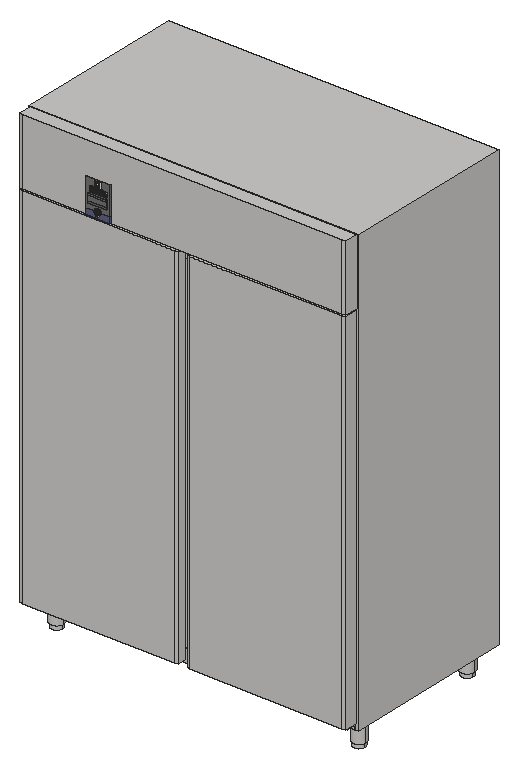
Revit family "QF_ELECTROLUXPROFESSIONAL_725246_REX142FRRCO2", category Specialty Equipment, Revit 2018
Family settings
  Round Connector Dimension = Use Diameter
  Part Type = Normal
  Work Plane-Based = No
  Always vertical = Yes
  Cut with Voids When Loaded = No
  Shared = No
  Room Calculation Point = No
Parameters
  Width [instance] = 1441 mm
  Watts = 0 W
  Height [instance] = 2050 mm
  HP = "0.3 HP"
  Direct Waste Size = 0 mm
  Depth [instance] = 835 mm
Reference planes
  plane 1 "Center (Front/Back)": y = 0
  plane 2: z = 0
  plane 3 "Center (Left/Right)": x = 0
  plane 4 "BASE": z = 110
  plane 5 "TOP": z = 2050
  plane 6 "FRONT": y = -417.5
  plane 7 "BACK": y = 417.5
  plane 8 "LEFT": x = -720.5
  plane 9 "RIGHT": x = 720.5
  plane 10 "RO_Y": x = -245
  plane 11 "RO_X": y = -166.5
  plane 12 "RI_Y": x = -206
  plane 13 "RI_X": y = -187.5
  plane 14: z = 1802
Forms (mm)
  Extrusion 1, solid, material "QF_Finishes_Stainless Steel"
    sketch origin (0, 0, 0) x (1, 0, 0) y (0, 1, 0)
      loop
        circle (-643.5, 344.5) r 25
      loop
        circle (643.5, 344.5) r 25
      loop
        circle (-660.5, -269.5) r 25
      loop
        circle (660.5, -269.5) r 25
      loop
        circle (0, -121) r 25
    from 0 to 20
  Extrusion 2, solid, material "QF_Finishes_Stainless Steel"
    sketch origin (0, 0, 0) x (1, 0, 0) y (0, 1, 0)
      loop
        circle (-643.5, 344.5) r 30
      loop
        circle (643.5, 344.5) r 30
      loop
        circle (660.5, -269.5) r 30
      loop
        circle (-660.5, -269.5) r 30
      loop
        circle (0, -121) r 30
    from 20 to 110
  Extrusion 3, solid, material "QF_Finishes_Stainless Steel"
    sketch origin (0, 0, 110) x (-1, 0, 0) y (0, -1, 0)
      loop
        line (720.5, -417.5) -> (720.5, 345.5) -> (-720.5, 345.5) -> (-720.5, -417.5) -> (720.5, -417.5)
    from 0 to 1940
  Extrusion 4, solid
    sketch origin (0, 417.5, 1685) x (-1, 0, 0) y (0, 0, 1)
      loop
        circle (704.5, 124) r 10
    from 0 to 3.2
  Extrusion 5, solid, material "QF_Door-Drawer Clearances", detail levels coarse
    sketch origin (0, 0, 110) x (-1, 0, 0) y (0, -1, 0)
      loop
        line (-712.5, 409.5) -> (-648.5, 409.5) -> (-648.5, 1006.5) -> (-666.5, 1006.5) -> (-666.5, 1024.5) -> (-688.5, 1024.5) -> (-688.5, 1062.5) -> (-712.5, 1062.5) -> (-712.5, 409.5)
    from 1642.965 to 28
  Extrusion 6, solid, material "QF_Door-Drawer Clearances", detail levels coarse
    sketch origin (0, 0, 110) x (-1, 0, 0) y (0, -1, 0)
      loop
        line (-648.5, 409.5) -> (0, 409.5)
        arc (0, 409.5) -> (-211.9, 875.546) -> (-688.5, 1062.5) r 681.392
        line (-688.5, 1062.5) -> (-688.5, 1024.5) -> (-666.5, 1024.5) -> (-666.5, 1006.5) -> (-648.5, 1006.5) -> (-648.5, 409.5)
    from 1642.965 to 28
  Extrusion 7, solid, material "QF_Clearances", detail levels coarse
    sketch origin (0, 0, 110) x (-1, 0, 0) y (0, -1, 0)
      loop
        line (720.5, 417.5) -> (720.5, -417.5) -> (-720.5, -417.5) -> (-720.5, 417.5) -> (-750.5, 417.5) -> (-750.5, -447.5) -> (750.5, -447.5) -> (750.5, 417.5) -> (720.5, 417.5)
    from -110 to 1940
  Extrusion 8, solid, material "QF_Clearances", detail levels coarse
    sketch origin (0, 0, 2050) x (-1, 0, 0) y (0, -1, 0)
      loop
        line (750.5, -447.5) -> (750.5, 417.5) -> (-750.5, 417.5) -> (-750.5, -447.5) -> (750.5, -447.5)
    from 0 to 500
  Extrusion 9, void
    sketch origin (0, 417.5, 0) x (-1, 0, 0) y (0, 0, 1)
      loop
        line (645.5, 1724) -> (430, 1724) -> (430, 1695) -> (-430, 1695) -> (-430, 1724) -> (-645.5, 1724) -> (-645.5, 180) -> (-322.75, 170.906) -> (0, 180) -> (322.75, 170.906) -> (645.5, 180) -> (645.5, 1724)
    from -56 to -763
  Extrusion 10, solid, material "QF_Door-Drawer Clearances", detail levels coarse
    sketch origin (0, 0, 110) x (1, 0, 0) y (0, 1, 0)
      loop
        line (-712.5, -409.5) -> (-712.5, -1062.5) -> (-688.5, -1062.5) -> (-688.5, -1024.5) -> (-666.5, -1024.5) -> (-666.5, -1006.5) -> (-648.5, -1006.5) -> (-648.5, -409.5) -> (-712.5, -409.5)
    from 1642.965 to 28
  Extrusion 11, solid, material "QF_Door-Drawer Clearances", detail levels coarse
    sketch origin (0, 0, 110) x (1, 0, 0) y (0, 1, 0)
      loop
        line (-648.5, -409.5) -> (-648.5, -1006.5) -> (-666.5, -1006.5) -> (-666.5, -1024.5) -> (-688.5, -1024.5) -> (-688.5, -1062.5)
        arc (-688.5, -1062.5) -> (-211.9, -875.546) -> (0, -409.5) r 681.392
        line (0, -409.5) -> (-648.5, -409.5)
    from 1642.965 to 28
  Extrusion 12, solid, material "QF_Finishes_Stainless Steel"
    sketch origin (0, 417.5, 0) x (-1, 0, 0) y (0, 0, 1)
      loop
        line (40, 170.62) -> (40, 1695) -> (-40, 1695) -> (-40, 170.62) -> (0, 170) -> (40, 170.62)
    from -723 to -763
  Extrusion 13, solid, material "QF_Finishes_Stainless Steel"
    sketch origin (0, 0, 110) x (-1, 0, 0) y (0, -1, 0)
      loop
        circle (322.75, 254.5) r 7.938
      loop
        circle (-322.75, 254.5) r 7.938
    from 0 to -10
  Extrusion 14, solid, material "QF_Finishes_Stainless Steel"
    sketch origin (0, 0, 2050) x (-1, 0, 0) y (0, -1, 0)
      loop
        circle (245, 166.5) r 4.75
    from -29 to -137.696
  Extrusion 15, solid, material "QF_Finishes_Stainless Steel"
    sketch origin (0, 0, 0) x (0, 1, 0) y (0, 0, 1)
      loop
        circle (-187.5, 1855) r 3
    from -141.13 to -206
Cuts and joins
  joined: Extrusion 7, Extrusion 8
  Extrusion 9 cuts Extrusion 3
Lines and regions (mm)
  symbolic lines, style "SpecialityEquipmentHiddenLines"
    curve 1: line (712.5, -409.5, 110) -> (712.5, -1062.5, 110)
    curve 2: line (712.5, -1062.5, 110) -> (688.5, -1062.5, 110)
    curve 3: line (648.5, -409.5, 110) -> (648.5, -1006.5, 110)
    curve 4: line (688.5, -1062.5, 110) -> (688.5, -1024.5, 110)
    curve 5: line (688.5, -1024.5, 110) -> (666.5, -1024.5, 110)
    curve 6: line (666.5, -1024.5, 110) -> (666.5, -1006.5, 110)
    curve 7: line (666.5, -1006.5, 110) -> (648.5, -1006.5, 110)
    curve 13: arc (0, -409.5, 110) -> (211.9, -875.546, 110) -> (688.5, -1062.5, 110) r 681.392
    curve 14: line (-712.5, -1062.5, 110) -> (-688.5, -1062.5, 110)
    curve 15: line (-648.5, -409.5, 110) -> (-648.5, -1006.5, 110)
    curve 16: line (-688.5, -1062.5, 110) -> (-688.5, -1024.5, 110)
    curve 17: line (-688.5, -1024.5, 110) -> (-666.5, -1024.5, 110)
    curve 18: line (-666.5, -1024.5, 110) -> (-666.5, -1006.5, 110)
    curve 19: line (-666.5, -1006.5, 110) -> (-648.5, -1006.5, 110)
    curve 20: arc (0, -409.5, 110) -> (-211.9, -875.546, 110) -> (-688.5, -1062.5, 110) r 681.392
    curve 21: line (-712.5, -409.5, 110) -> (-712.5, -1062.5, 110)
  symbolic lines, style "QF_Clearances", detail levels coarse
    curve 8: line (-720.5, -417.5, 2050) -> (-750.5, -417.5, 2050)
    curve 9: line (-750.5, -417.5, 2050) -> (-750.5, 447.5, 2050)
    curve 10: line (-750.5, 447.5, 2050) -> (750.5, 447.5, 2050)
    curve 11: line (750.5, 447.5, 2050) -> (750.5, -417.5, 2050)
    curve 12: line (750.5, -417.5, 2050) -> (720.5, -417.5, 2050)
  symbolic lines
    curve 22: line (720.5, 417.5, 110) -> (-720.5, 417.5, 110)
    curve 23: line (720.5, -345.5, 110) -> (720.5, 417.5, 110)
    curve 24: line (-720.5, -345.5, 110) -> (720.5, -345.5, 110)
    curve 25: line (-720.5, 417.5, 110) -> (-720.5, -345.5, 110)
Dimensions and locks
  equal spacing: plane 7 "BACK", plane 1 "Center (Front/Back)", plane 6 "FRONT"
  equal spacing: plane 8 "LEFT", plane 3 "Center (Left/Right)", plane 9 "RIGHT"
  "Width": plane 8 "LEFT" to plane 9 "RIGHT"
  "Depth": plane 7 "BACK" to plane 6 "FRONT"
  "Height": plane 5 "TOP" to plane 2
  plane 8 "LEFT" to plane 10 "RO_Y" = 475.5 mm
  plane 7 "BACK" to plane 11 "RO_X" = 584 mm
  plane 7 "BACK" to plane 13 "RI_X" = 605 mm
  plane 5 "TOP" to plane 14 = 248 mm
  Extrusion 14 to plane 14 = 219 mm
  Extrusion 15 to plane 14 = 53 mm
  aligned and locked: level to plane 2
Automatic sketch dimensions
  curve 12 to plane 6 "FRONT" = 0 mm
  curve 12 to plane 9 "RIGHT" = 0 mm
  curve 8 to plane 6 "FRONT" = 0 mm
  curve 8 to plane 8 "LEFT" = 0 mm
  curve 10 to plane 9 "RIGHT" = 30 mm
  curve 8 to curve 9 = 30 mm
  plane 7 "BACK" to curve 10 = 30 mm
  Extrusion 1 sketch curve to plane 3 "Center (Left/Right)" = 0 mm
  plane 8 "LEFT" to Extrusion 1 sketch curve = 77 mm
  plane 8 "LEFT" to Extrusion 1 sketch curve = 60 mm
  plane 9 "RIGHT" to Extrusion 1 sketch curve = 77 mm
  plane 9 "RIGHT" to Extrusion 1 sketch curve = 60 mm
  plane 6 "FRONT" to Extrusion 1 sketch curve = 148 mm  (x2)
  plane 1 "Center (Front/Back)" to Extrusion 1 sketch curve = 121 mm
  Extrusion 1 sketch curve to plane 7 "BACK" = 73 mm  (x2)
  Extrusion 2 sketch curve to plane 3 "Center (Left/Right)" = 0 mm
  plane 8 "LEFT" to Extrusion 2 sketch curve = 77 mm
  plane 8 "LEFT" to Extrusion 2 sketch curve = 60 mm
  plane 9 "RIGHT" to Extrusion 2 sketch curve = 77 mm
  plane 9 "RIGHT" to Extrusion 2 sketch curve = 60 mm
  plane 6 "FRONT" to Extrusion 2 sketch curve = 148 mm  (x2)
  plane 1 "Center (Front/Back)" to Extrusion 2 sketch curve = 121 mm
  Extrusion 2 sketch curve to plane 7 "BACK" = 73 mm  (x2)
  Extrusion 3 sketch curve to plane 7 "BACK" = 0 mm
  Extrusion 3 sketch curve to plane 9 "RIGHT" = 0 mm
  Extrusion 3 sketch curve to plane 8 "LEFT" = 0 mm
  plane 6 "FRONT" to Extrusion 3 sketch curve = 72 mm
  plane 8 "LEFT" to Extrusion 4 sketch curve = 16 mm
  Extrusion 4 sketch curve to plane 5 "TOP" = 241 mm
  plane 9 "RIGHT" to Extrusion 5 sketch curve = 8 mm
  plane 9 "RIGHT" to Extrusion 5 sketch curve = 32 mm
  Extrusion 5 sketch curve to Extrusion 5 sketch curve = 22 mm
  plane 6 "FRONT" to Extrusion 5 sketch curve = 8 mm
  Extrusion 5 sketch curve to Extrusion 5 sketch curve = 64 mm
  Extrusion 5 sketch curve to plane 6 "FRONT" = 589 mm
  Extrusion 5 sketch curve to Extrusion 5 sketch curve = 18 mm
  Extrusion 5 sketch curve to Extrusion 5 sketch curve = 38 mm
  Extrusion 6 sketch curve to plane 3 "Center (Left/Right)" = 0 mm
  plane 9 "RIGHT" to Extrusion 6 sketch curve = 72 mm
  Extrusion 6 sketch curve to Extrusion 6 sketch curve = 18 mm  (x2)
  plane 9 "RIGHT" to Extrusion 6 sketch curve = 39.698 mm
  Extrusion 6 sketch curve to Extrusion 6 sketch curve = 22 mm
  plane 6 "FRONT" to Extrusion 6 sketch curve = 36.349 mm
  plane 6 "FRONT" to Extrusion 6 sketch curve = 8 mm
  Extrusion 6 sketch curve to Extrusion 6 sketch curve = 56 mm
  Extrusion 7 sketch curve to plane 6 "FRONT" = 0 mm  (x2)
  Extrusion 7 sketch curve to plane 7 "BACK" = 0 mm
  Extrusion 7 sketch curve to plane 9 "RIGHT" = 0 mm
  Extrusion 7 sketch curve to plane 8 "LEFT" = 0 mm
  Extrusion 7 sketch curve to plane 9 "RIGHT" = 30 mm
  Extrusion 7 sketch curve to Extrusion 7 sketch curve = 30 mm
  plane 7 "BACK" to Extrusion 7 sketch curve = 30 mm
  Extrusion 8 sketch curve to plane 6 "FRONT" = 0 mm
  Extrusion 8 sketch curve to plane 9 "RIGHT" = 30 mm
  Extrusion 8 sketch curve to plane 8 "LEFT" = 30 mm
  plane 7 "BACK" to Extrusion 8 sketch curve = 30 mm
  Extrusion 10 sketch curve to plane 8 "LEFT" = 8 mm
  Extrusion 10 sketch curve to plane 8 "LEFT" = 32 mm
  Extrusion 10 sketch curve to Extrusion 10 sketch curve = 22 mm
  Extrusion 10 sketch curve to plane 6 "FRONT" = 8 mm
  Extrusion 10 sketch curve to Extrusion 10 sketch curve = 64 mm
  plane 6 "FRONT" to Extrusion 10 sketch curve = 589 mm
  Extrusion 10 sketch curve to Extrusion 10 sketch curve = 18 mm
  Extrusion 10 sketch curve to Extrusion 10 sketch curve = 38 mm
  Extrusion 11 sketch curve to plane 3 "Center (Left/Right)" = 0 mm
  Extrusion 11 sketch curve to plane 8 "LEFT" = 72 mm
  Extrusion 11 sketch curve to Extrusion 11 sketch curve = 18 mm  (x2)
  Extrusion 11 sketch curve to plane 8 "LEFT" = 39.698 mm
  Extrusion 11 sketch curve to Extrusion 11 sketch curve = 22 mm
  Extrusion 11 sketch curve to plane 6 "FRONT" = 36.349 mm
  Extrusion 11 sketch curve to plane 6 "FRONT" = 8 mm
  Extrusion 11 sketch curve to Extrusion 11 sketch curve = 56 mm
  Extrusion 12 sketch curve to plane 3 "Center (Left/Right)" = 0 mm
  plane 3 "Center (Left/Right)" to Extrusion 12 sketch curve = 40 mm
  Extrusion 12 sketch curve to plane 3 "Center (Left/Right)" = 40 mm
  plane 4 "BASE" to Extrusion 12 sketch curve = 60 mm
  Extrusion 12 sketch curve to Extrusion 12 sketch curve = 0.62 mm  (x2)
  Extrusion 12 sketch curve to Extrusion 12 sketch curve = 1524.38 mm
  Extrusion 9 sketch curve to plane 3 "Center (Left/Right)" = 0 mm
  plane 4 "BASE" to Extrusion 9 sketch curve = 60.906 mm  (x2)
  plane 3 "Center (Left/Right)" to Extrusion 9 sketch curve = 322.75 mm
  plane 9 "RIGHT" to Extrusion 9 sketch curve = 290.5 mm
  plane 9 "RIGHT" to Extrusion 9 sketch curve = 75 mm
  Extrusion 9 sketch curve to plane 3 "Center (Left/Right)" = 322.75 mm
  plane 8 "LEFT" to Extrusion 9 sketch curve = 290.5 mm
  plane 8 "LEFT" to Extrusion 9 sketch curve = 75 mm
  plane 4 "BASE" to Extrusion 9 sketch curve = 70 mm  (x3)
  Extrusion 9 sketch curve to plane 5 "TOP" = 355 mm
  Extrusion 9 sketch curve to Extrusion 9 sketch curve = 29 mm  (x2)
  plane 3 "Center (Left/Right)" to Extrusion 13 sketch curve = 322.75 mm
  Extrusion 13 sketch curve to plane 3 "Center (Left/Right)" = 322.75 mm
  plane 6 "FRONT" to Extrusion 13 sketch curve = 163 mm  (x2)
  Extrusion 14 sketch curve to plane 10 "RO_Y" = 0 mm
  Extrusion 14 sketch curve to plane 11 "RO_X" = 0 mm
  Extrusion 15 sketch curve to plane 13 "RI_X" = 0 mm
  plane 14 to Extrusion 15 sketch curve = 53 mm
  curve 24 to plane 9 "RIGHT" = 0 mm
  curve 13 to plane 3 "Center (Left/Right)" = 0 mm
  curve 24 to plane 8 "LEFT" = 0 mm
  curve 25 to plane 7 "BACK" = 0 mm
  plane 9 "RIGHT" to curve 1 = 8 mm
  plane 9 "RIGHT" to curve 4 = 32 mm
  plane 9 "RIGHT" to curve 13 = 39.698 mm
  curve 4 to curve 6 = 22 mm
  curve 6 to curve 7 = 18 mm
  plane 8 "LEFT" to curve 15 = 72 mm
  curve 15 to curve 18 = 18 mm
  plane 8 "LEFT" to curve 20 = 39.698 mm
  plane 8 "LEFT" to curve 14 = 32 mm
  plane 8 "LEFT" to curve 21 = 8 mm
  plane 6 "FRONT" to curve 24 = 72 mm
  plane 6 "FRONT" to curve 20 = 36.349 mm
  plane 6 "FRONT" to curve 13 = 36.349 mm
  curve 6 to plane 6 "FRONT" = 589 mm
  curve 19 to plane 6 "FRONT" = 589 mm
  curve 18 to curve 17 = 18 mm
  curve 6 to curve 4 = 18 mm
  curve 16 to curve 21 = 38 mm
  plane 6 "FRONT" to curve 1 = 8 mm
  plane 6 "FRONT" to curve 15 = 8 mm
  plane 6 "FRONT" to curve 21 = 8 mm
  plane 6 "FRONT" to curve 3 = 8 mm
  radius of Extrusion 1 sketch curve = 25 mm  (x5)
  radius of Extrusion 2 sketch curve = 30 mm  (x5)
  radius of Extrusion 4 sketch curve = 10 mm
  radius of Extrusion 13 sketch curve = 7.938 mm  (x2)
  radius of Extrusion 14 sketch curve = 4.75 mm
  radius of Extrusion 15 sketch curve = 3 mm
Nested families
  nested 1: "QF_725246_Door" at (0, -345.5, 968.365) x (1, 0, 0) z (0, -1, 0), type "QF_725246_Door"
    with Show Clearance yes
  nested 2: "Freezer" at (720.5, -417.5, 110), type "Freezer"
Connectors
  electrical at (-704.5, 420.7, 1809)
    settings: on Extrusion 4, index 2, voltage 0 V, apparent load 0 VA, apparent load phase1 0 VA, apparent load phase2 0 VA, apparent load phase3 0 VA, power factor 1, load classification "Other", number of poles 1, system type 30, power factor state 1, is connector primary yes, connector utility no, sub classification motor no, connector description "Electrical Connection"
  piping at (322.75, -254.5, 100), diameter 15.875
    settings: on Extrusion 13, index 3, connector inside diameter 609.6 mm, connector length 0 mm, flow factor 0, pipe flow 0.0 L/s, pressure drop 0.0 Pa, fitting loss kfactor 0, connector angle 0.00°, fixture units 0, engagement length 0 mm, angle of deflection 0.00°, flow configuration 1, flow direction 2, fitting loss method 0, system type 16, joint type 0, gender type 0, connector reference index -1, connector utility 0, adjustable connector no, is connector primary yes, connector description "Drain"
  piping at (-322.75, -254.5, 100), diameter 15.875
    settings: on Extrusion 13, index 4, connector inside diameter 609.6 mm, connector length 0 mm, flow factor 0, pipe flow 0.0 L/s, pressure drop 0.0 Pa, fitting loss kfactor 0, connector angle 0.00°, fixture units 0, engagement length 0 mm, angle of deflection 0.00°, flow configuration 1, flow direction 2, fitting loss method 0, system type 16, joint type 0, gender type 0, connector reference index -1, connector utility 0, adjustable connector no, is connector primary no, connector description "Drain"
  piping at (-245, -166.5, 2021), diameter 9.5
    settings: on Extrusion 14, index 5, connector inside diameter 609.6 mm, connector length 0 mm, flow factor 0, pipe flow 0.0 L/s, pressure drop 0.0 Pa, fitting loss kfactor 0, connector angle 0.00°, fixture units 0, engagement length 0 mm, angle of deflection 0.00°, flow configuration 1, flow direction 2, fitting loss method 0, system type 8, joint type 0, gender type 0, connector reference index -1, connector utility 0, adjustable connector no, is connector primary no, connector description "Refrigerant Outlet"
  piping at (-206, -187.5, 1855), diameter 6
    settings: on Extrusion 15, index 6, connector inside diameter 609.6 mm, connector length 0 mm, flow factor 0, pipe flow 0.0 L/s, pressure drop 0.0 Pa, fitting loss kfactor 0, connector angle 0.00°, fixture units 0, engagement length 0 mm, angle of deflection 0.00°, flow configuration 1, flow direction 1, fitting loss method 0, system type 7, joint type 0, gender type 0, connector reference index -1, connector utility 0, adjustable connector no, is connector primary no, connector description "Refrigerant Inlet"
Definition of nested family "QF_725246_Door"
  Parameters
    Show Clearance [instance] = yes
    Model = "725228"
    Default Elevation = 0 mm
  Reference planes
    plane 1 "Center (Front/Back)": y = 0
    plane 2: z = 0
    plane 3 "Center (Left/Right)": x = 0
    plane 4 "panel": z = 64
  Forms (mm)
    Extrusion 1, solid
      sketch origin (0, -919.2, 0) x (1, 0, 0) y (0, 1, 0)
        loop
          line (-980.5, 2119.2) -> (-980.5, -162.846) -> (881.94, -162.846) -> (881.94, 2119.2) -> (-980.5, 2119.2)
      from 0 to -59.546
    Extrusion 2, solid
      sketch origin (365.5, 0, 0) x (1, 0, 0) y (0, 0, 1)
        loop
          line (-347, 26) -> (-325, 26) -> (-325, 8) -> (-307, 8) -> (-307, 0) -> (339, 0) -> (339, 8) -> (347, 8) -> (347, 60) -> (332, 64) -> (-332, 64) -> (-347, 60) -> (-347, 26)
      from -784.6 to 830.4
    Extrusion 3, solid
      sketch origin (484.5, -516.365, 0) x (0, 1, 0) y (0, 0, 1)
        loop
          line (-323.003, 40.312) -> (-316.501, 40.312) -> (-316.501, 42.812) -> (-325.503, 42.812) -> (-325.503, 2.5) -> (-342, 2.5) -> (-342, 0) -> (-323.003, 0) -> (-323.003, 12.259) -> (-323.003, 40.312)
        loop
          line (-314, 38.311) -> (-316.501, 38.311) -> (-316.501, 14.304) -> (-319.752, 14.304) -> (-319.752, 11.804) -> (-314, 11.804) -> (-314, 38.311)
      from 185 to 220
    Extrusion 4, solid
      sketch origin (484.5, 469.597, 0) x (0, 1, 0) y (0, 0, 1)
        loop
          line (315.003, 27.948) -> (315.003, 2.948) -> (315.003, 0) -> (322.003, 0) -> (322.003, 2.5) -> (317.503, 2.5) -> (317.503, 27.948) -> (315.003, 27.948)
      from 185 to 220
    Extrusion 5, solid
      sketch origin (-365.5, 0, 0) x (-1, 0, 0) y (0, 0, -1)
        loop
          line (-1078, -60) -> (-1063, -64) -> (332, -64) -> (347, -60) -> (347, 0) -> (-1078, 0) -> (-1078, -60)
      from -1081.6 to -791.6
    Extrusion 6, solid
      sketch origin (-365.5, 0, 0) x (-1, 0, 0) y (0, 0, -1)
        loop
          line (-347, -26) -> (-347, -60) -> (-332, -64) -> (332, -64) -> (347, -60) -> (347, -8) -> (339, -8) -> (339, 0) -> (-307, 0) -> (-307, -8) -> (-325, -8) -> (-325, -26) -> (-347, -26)
      from -784.6 to 830.4
    Extrusion 7, solid
      sketch origin (-484.5, -516.365, 0) x (0, 1, 0) y (0, 0, -1)
        loop
          line (-323.003, -40.312) -> (-323.003, -12.259) -> (-323.003, 0) -> (-342, 0) -> (-342, -2.5) -> (-325.503, -2.5) -> (-325.503, -42.812) -> (-316.501, -42.812) -> (-316.501, -40.312) -> (-323.003, -40.312)
        loop
          line (-314, -38.311) -> (-314, -11.804) -> (-319.752, -11.804) -> (-319.752, -14.304) -> (-316.501, -14.304) -> (-316.501, -38.311) -> (-314, -38.311)
      from 185 to 220
    Extrusion 8, solid
      sketch origin (-484.5, 469.597, 0) x (0, 1, 0) y (0, 0, -1)
        loop
          line (315.003, -27.948) -> (317.503, -27.948) -> (317.503, -2.5) -> (322.003, -2.5) -> (322.003, 0) -> (315.003, 0) -> (315.003, -2.948) -> (315.003, -27.948)
      from 185 to 220
  Lines and regions (mm)
    symbolic lines
      curve 1: line (-697.5, 0, 64) -> (697.5, 0, 64)
      curve 2: line (712.5, 0, 0) -> (-712.5, 0, 0)
      curve 3: line (712.5, 0, 60) -> (712.5, 0, 0)
      curve 4: line (704.5, 0, 8) -> (712.5, 0, 8)
      curve 5: line (704.5, 0, 8) -> (704.5, 0, 0)
      curve 6: line (-376.111, 0, 72) -> (-356.111, 0, 72)
      curve 7: line (-376.111, 0, 66) -> (-376.111, 0, 72)
      curve 8: line (-356.111, 0, 72) -> (-356.111, 0, 66)
      curve 9: line (-380.111, 0, 66) -> (-352.111, 0, 66)
      curve 10: line (-380.111, 0, 64) -> (-380.111, 0, 66)
      curve 11: line (-352.111, 0, 66) -> (-352.111, 0, 64)
      curve 12: line (-712.5, 0, 60) -> (-712.5, 0, 0)
      curve 13: line (-704.5, 0, 8) -> (-712.5, 0, 8)
      curve 14: line (-704.5, 0, 8) -> (-704.5, 0, 0)
      curve 15: line (-697.5, 0, 64) -> (-712.5, 0, 60)
      curve 16: line (712.5, 0, 60) -> (697.5, 0, 64)
  Dimensions and locks
    aligned and locked: plane 2 to Extrusion 1
    aligned and locked: level to Extrusion 1
  Nested families
    nested 1: "QF_DisplayStandardCabinets" at (-365.5, 863.6, 64), type "QF_DisplayStandardCabinets"
      with Show Clearance yes
  Definition of nested family "QF_DisplayStandardCabinets"
    Parameters
      Show Clearance [instance] = yes
      Model = "728658"
      Default Elevation = 1219.2 mm
    Reference planes
      plane 1 "Center (Front/Back)": y = 0
      plane 2: z = 0
      plane 3 "Center (Left/Right)": x = 0
    Forms (mm)
      Extrusion 1, solid
        sketch origin (0, -919.2, 0) x (1, 0, 0) y (0, 1, 0)
          loop
            line (-198.75, 1146.2) -> (-198.75, 709.567) -> (165.741, 709.567) -> (165.741, 1146.2) -> (-198.75, 1146.2)
        from 0 to -59.546
      Extrusion 2, solid
        sketch origin (-59, -44.611, 0) x (0, 1, 0) y (-1, 0, 0)
          loop
            circle (0.611, -59) r 14
        from 4 to 7
      Extrusion 3, solid
        sketch origin (744.635, 320.889, 0) x (0, 1, 0) y (-1, 0, 0)
          loop
            circle (-364.889, 744.635) r 10
          loop
            circle (-364.889, 744.635) r 9
        from 4 to 8
      Extrusion 4, solid
        sketch origin (744.635, 320.889, 0) x (0, 1, 0) y (-1, 0, 0)
          loop
            circle (-364.889, 744.635) r 8.7
        from 4 to 8
      Extrusion 5, void
        sketch origin (744.635, 320.889, 0) x (0, 1, 0) y (-1, 0, 0)
          loop
            line (-372.339, 745.885) -> (-372.339, 743.385) -> (-362.339, 743.385) -> (-362.339, 745.885) -> (-372.339, 745.885)
        from 8.592 to 6.269
      Extrusion 6, solid
        sketch origin (744.635, 320.889, 0) x (0, 1, 0) y (-1, 0, 0)
          loop
            line (-372.339, 745.885) -> (-372.339, 743.385) -> (-362.339, 743.385) -> (-362.339, 745.885) -> (-372.339, 745.885)
        from 6 to 8
      Extrusion 7, solid
        sketch origin (0, 0, 0) x (1, 0, 0) y (0, 1, 0)
          loop
            line (-51.473, 80) -> (-51.473, -44) -> (-14, -44)
            arc (-14, -44) -> (0, -30) -> (14, -44) r 14
            line (14, -44) -> (50.954, -44) -> (50.954, 80) -> (-51.473, 80)
        from 0 to 4
      Extrusion 8, solid
        sketch origin (0, -30, 0) x (0, 1, 0) y (0, 0, 1)
          loop
            line (10.404, 4) -> (17.404, 4) -> (17.404, 8)
            arc (17.404, 8) -> (13.868, 7.749) -> (10.404, 7) r 25
            line (10.404, 7) -> (10.404, 4)
          loop
            arc (47.404, 7) -> (43.939, 7.749) -> (40.404, 8) r 25
            line (40.404, 8) -> (40.404, 4) -> (47.404, 4) -> (47.404, 7)
        from 40 to -40
      Extrusion 9, solid
        sketch origin (0, -30, 0) x (1, 0, 0) y (0, 1, 0)
          loop
            line (-40, 40.404) -> (-40, 17.404) -> (40, 17.404) -> (40, 40.404) -> (-40, 40.404)
        from 8 to 4
      Extrusion 10, solid
        sketch origin (46.005, 87.683, 0) x (1, 0, 0) y (0, 1, 0)
          loop
            line (-43.063, -13.359) -> (-43.063, -33.154)
            arc (-43.063, -33.154) -> (-35.746, -23.257) -> (-43.063, -13.359) r 10.352
          loop
            arc (-44.07, -13.359) -> (-52.302, -15.23) -> (-56.268, -22.683) r 10.145
            line (-56.268, -22.683) -> (-52.994, -22.683)
            arc (-52.994, -22.683) -> (-47.143, -20.308) -> (-44.07, -14.793) r 9.509
            line (-44.07, -14.793) -> (-44.07, -13.359)
          loop
            arc (-44.07, -31.721) -> (-47.143, -26.205) -> (-52.994, -23.831) r 9.509
            line (-52.994, -23.831) -> (-56.268, -23.831)
            arc (-56.268, -23.831) -> (-52.309, -31.345) -> (-44.07, -33.408) r 10.411
            line (-44.07, -33.408) -> (-44.07, -31.721)
          loop
            line (-57.02, -12.279) -> (-57.02, -34.279) -> (-34.99, -34.279) -> (-34.99, -12.279) -> (-57.02, -12.279)
        from 4 to 5.6
      Extrusion 11, solid
        sketch origin (-12.866, 61.032, 0) x (1, 0, 0) y (0, 1, 0)
          loop
            line (-15.272, -12.492) -> (-22.708, -12.492) -> (-22.708, -21.151)
            arc (-22.708, -21.151) -> (-21.729, -23.514) -> (-19.367, -24.492) r 3.341
            line (-19.367, -24.492) -> (-15.128, -24.492) -> (-15.128, -22.55) -> (-18.883, -22.55)
            arc (-18.883, -22.55) -> (-20.117, -22.133) -> (-20.642, -20.941) r 1.615
            line (-20.642, -20.941) -> (-20.642, -19.224) -> (-15.593, -19.224) -> (-15.593, -17.274) -> (-20.642, -17.274) -> (-20.642, -14.436) -> (-15.272, -14.436) -> (-15.272, -12.492)
          loop
            line (-13.66, -12.492) -> (-13.66, -24.492) -> (-11.593, -24.492) -> (-11.593, -12.492) -> (-13.66, -12.492)
          loop
            line (31.232, -12.492) -> (31.232, -24.492) -> (33.3, -24.492) -> (33.3, -12.492) -> (31.232, -12.492)
          loop
            line (-8.175, -20.66) -> (-1.392, -20.66)
            arc (-1.392, -20.66) -> (-2.453, -16.934) -> (-6.081, -15.575) r 4.298
            arc (-6.081, -15.575) -> (-9.277, -17.196) -> (-10.188, -20.66) r 4.373
            arc (-10.188, -20.66) -> (-8.988, -23.558) -> (-6.091, -24.758) r 4.097
            arc (-6.091, -24.758) -> (-3.837, -24.425) -> (-1.946, -23.152) r 5.15
            line (-1.946, -23.152) -> (-3.171, -21.928)
            arc (-3.171, -21.928) -> (-4.778, -22.892) -> (-6.645, -22.73) r 3.039
            arc (-6.645, -22.73) -> (-7.784, -21.972) -> (-8.175, -20.66) r 2.013
          loop
            line (-8.123, -19.207) -> (-3.469, -19.207)
            arc (-3.469, -19.207) -> (-4.122, -17.833) -> (-5.557, -17.326) r 1.983
            arc (-5.557, -17.326) -> (-7.213, -17.758) -> (-8.123, -19.207) r 2.321
          loop
            line (6.665, -18.342) -> (7.963, -17.044)
            arc (7.963, -17.044) -> (6.336, -15.866) -> (4.358, -15.514) r 4.497
            arc (4.358, -15.514) -> (1.341, -16.616) -> (-0.242, -19.411) r 4.652
            arc (-0.242, -19.411) -> (2.426, -24.31) -> (7.89, -23.18) r 4.684
            line (7.89, -23.18) -> (6.599, -21.89)
            arc (6.599, -21.89) -> (3.813, -22.811) -> (1.817, -20.66) r 2.714
            arc (1.817, -20.66) -> (1.956, -18.959) -> (3.127, -17.718) r 2.578
            arc (3.127, -17.718) -> (5.002, -17.432) -> (6.665, -18.342) r 2.961
          loop
            line (9.233, -12.492) -> (9.233, -20.693)
            arc (9.233, -20.693) -> (9.411, -21.923) -> (9.872, -23.078) r 5.301
            arc (9.872, -23.078) -> (11.347, -24.251) -> (13.216, -24.498) r 3.531
            line (13.216, -24.498) -> (13.216, -22.561)
            arc (13.216, -22.561) -> (12.66, -22.519) -> (12.142, -22.313) r 1.862
            arc (12.142, -22.313) -> (11.478, -21.611) -> (11.3, -20.66) r 1.713
            line (11.3, -20.66) -> (11.3, -17.691) -> (13.177, -17.691) -> (13.177, -15.813) -> (11.3, -15.813) -> (11.3, -12.492) -> (9.233, -12.492)
          loop
            arc (16.966, -19.93) -> (17.114, -19.065) -> (17.54, -18.298) r 2.607
            arc (17.54, -18.298) -> (18.779, -17.662) -> (20.17, -17.691) r 2.84
            line (20.17, -17.691) -> (20.17, -15.704)
            arc (20.17, -15.704) -> (18.352, -15.876) -> (16.966, -17.064) r 3.016
            line (16.966, -17.064) -> (16.966, -15.813) -> (14.916, -15.813) -> (14.916, -24.492) -> (16.966, -24.492) -> (16.966, -19.93)
          loop
            circle (25.224, -20.154) r 4.599
          loop
            circle (25.224, -20.154) r 2.787
          loop
            arc (40.755, -20.878) -> (40.245, -22.281) -> (38.861, -22.84) r 1.835
            arc (38.861, -22.84) -> (37.476, -22.281) -> (36.966, -20.878) r 1.835
            line (36.966, -20.878) -> (36.966, -15.813) -> (34.881, -15.813) -> (34.881, -21.05)
            arc (34.881, -21.05) -> (36.067, -23.754) -> (38.861, -24.712) r 3.675
            arc (38.861, -24.712) -> (41.685, -23.725) -> (42.839, -20.965) r 3.675
            line (42.839, -20.965) -> (42.839, -15.813) -> (40.755, -15.813) -> (40.755, -20.878)
          loop
            line (44.088, -15.813) -> (47.09, -19.889) -> (43.792, -24.495) -> (46.014, -24.495) -> (48.203, -21.438) -> (50.424, -24.495) -> (52.632, -24.495) -> (49.381, -19.842) -> (52.354, -15.813) -> (50.097, -15.813) -> (48.196, -18.39) -> (46.324, -15.813) -> (44.088, -15.813)
          loop
            line (-21.545, -29.467) -> (-23.194, -29.467) -> (-23.194, -33.617) -> (-22.292, -33.617) -> (-22.292, -32.188) -> (-21.295, -32.188)
            arc (-21.295, -32.188) -> (-20.179, -30.713) -> (-21.545, -29.467) r 1.372
          loop
            arc (-21.334, -31.373) -> (-20.993, -30.839) -> (-21.334, -30.306) r 0.587
            line (-21.334, -30.306) -> (-22.292, -30.306) -> (-22.292, -31.373) -> (-21.334, -31.373)
          loop
            line (-15.033, -29.467) -> (-16.71, -29.467) -> (-16.71, -33.617) -> (-15.808, -33.617) -> (-15.808, -32.188) -> (-14.935, -32.188) -> (-14.339, -33.617) -> (-13.37, -33.617) -> (-14.186, -31.867)
            arc (-14.186, -31.867) -> (-13.795, -31.4) -> (-13.664, -30.805) r 1.281
            arc (-13.664, -30.805) -> (-14.076, -29.857) -> (-15.033, -29.467) r 1.37
          loop
            line (-15.808, -30.306) -> (-15.808, -31.373) -> (-14.85, -31.373)
            arc (-14.85, -31.373) -> (-14.509, -30.839) -> (-14.85, -30.306) r 0.587
            line (-14.85, -30.306) -> (-15.808, -30.306)
          loop
            circle (-8.072, -31.542) r 2.156
          loop
            circle (-8.072, -31.542) r 1.368
          loop
            line (-2.373, -29.467) -> (-2.373, -33.617) -> (-1.493, -33.617) -> (-1.493, -32.167) -> (0.069, -32.167) -> (0.069, -31.237) -> (-1.493, -31.237) -> (-1.493, -30.361) -> (0.219, -30.361) -> (0.219, -29.467) -> (-2.373, -29.467)
          loop
            line (3.719, -29.467) -> (3.719, -32.269)
            arc (3.719, -32.269) -> (4.101, -33.219) -> (5.046, -33.614) r 1.327
            line (5.046, -33.614) -> (6.385, -33.614) -> (6.385, -32.83) -> (5.126, -32.83)
            arc (5.126, -32.83) -> (4.662, -32.447) -> (4.571, -31.852) r 0.845
            line (4.571, -31.852) -> (6.23, -31.852) -> (6.23, -31.068) -> (4.571, -31.068) -> (4.571, -30.251) -> (6.345, -30.251) -> (6.345, -29.467) -> (3.719, -29.467)
          loop
            arc (18.747, -29.993) -> (18.197, -29.542) -> (17.501, -29.398) r 1.485
            arc (17.501, -29.398) -> (16.858, -29.556) -> (16.329, -29.955) r 1.645
            arc (16.329, -29.955) -> (16.232, -30.897) -> (16.84, -31.624) r 1.217
            arc (16.84, -31.624) -> (17.351, -31.794) -> (17.836, -32.029) r 4.201
            arc (17.836, -32.029) -> (18.142, -32.39) -> (17.931, -32.814) r 0.43
            arc (17.931, -32.814) -> (17.539, -32.906) -> (17.149, -32.807) r 0.846
            arc (17.149, -32.807) -> (16.811, -32.564) -> (16.605, -32.203) r 0.983
            line (16.605, -32.203) -> (15.879, -32.542)
            arc (15.879, -32.542) -> (16.14, -33.046) -> (16.562, -33.427) r 1.595
            arc (16.562, -33.427) -> (17.04, -33.631) -> (17.557, -33.683) r 1.719
            arc (17.557, -33.683) -> (18.196, -33.556) -> (18.772, -33.25) r 2.246
            arc (18.772, -33.25) -> (19.027, -32.573) -> (18.896, -31.863) r 1.349
            arc (18.896, -31.863) -> (18.612, -31.535) -> (18.249, -31.298) r 1.564
            arc (18.249, -31.298) -> (17.79, -31.093) -> (17.32, -30.917) r 8.236
            arc (17.32, -30.917) -> (17.048, -30.494) -> (17.441, -30.181) r 0.375
            arc (17.441, -30.181) -> (17.911, -30.294) -> (18.273, -30.616) r 0.998
            line (18.273, -30.616) -> (18.747, -29.993)
          loop
            line (22.554, -29.467) -> (22.554, -33.614) -> (23.407, -33.614) -> (23.407, -29.467) -> (22.554, -29.467)
          loop
            circle (29.157, -31.541) r 1.29
          loop
            circle (29.157, -31.541) r 2.154
          loop
            line (34.878, -33.614) -> (35.739, -33.614) -> (35.739, -31.007) -> (37.636, -33.614) -> (38.465, -33.614) -> (38.465, -29.467) -> (37.604, -29.467) -> (37.604, -32.154) -> (35.707, -29.467) -> (34.878, -29.467) -> (34.878, -33.614)
          loop
            line (42.765, -33.614) -> (43.169, -32.72) -> (44.703, -32.72) -> (45.106, -33.614) -> (46.023, -33.614) -> (44.271, -29.467) -> (43.471, -29.467) -> (41.849, -33.614) -> (42.765, -33.614)
          loop
            line (44.32, -31.869) -> (43.909, -30.958) -> (43.51, -31.869) -> (44.32, -31.869)
          loop
            line (50.258, -32.83) -> (50.258, -29.467) -> (49.406, -29.467) -> (49.406, -33.614) -> (51.853, -33.614) -> (51.853, -32.83) -> (50.258, -32.83)
          loop
            arc (12.529, -29.993) -> (11.98, -29.542) -> (11.284, -29.398) r 1.485
            arc (11.284, -29.398) -> (10.641, -29.556) -> (10.112, -29.955) r 1.645
            arc (10.112, -29.955) -> (10.014, -30.897) -> (10.622, -31.624) r 1.217
            arc (10.622, -31.624) -> (11.133, -31.794) -> (11.618, -32.029) r 4.201
            arc (11.618, -32.029) -> (11.925, -32.39) -> (11.714, -32.814) r 0.43
            arc (11.714, -32.814) -> (11.322, -32.906) -> (10.931, -32.807) r 0.846
            arc (10.931, -32.807) -> (10.594, -32.564) -> (10.387, -32.203) r 0.983
            line (10.387, -32.203) -> (9.662, -32.542)
            arc (9.662, -32.542) -> (9.923, -33.046) -> (10.345, -33.427) r 1.595
            arc (10.345, -33.427) -> (10.823, -33.631) -> (11.34, -33.683) r 1.719
            arc (11.34, -33.683) -> (11.979, -33.556) -> (12.555, -33.25) r 2.246
            arc (12.555, -33.25) -> (12.809, -32.573) -> (12.678, -31.863) r 1.349
            arc (12.678, -31.863) -> (12.394, -31.535) -> (12.031, -31.298) r 1.564
            arc (12.031, -31.298) -> (11.573, -31.093) -> (11.102, -30.917) r 8.236
            arc (11.102, -30.917) -> (10.83, -30.494) -> (11.223, -30.181) r 0.375
            arc (11.223, -30.181) -> (11.694, -30.294) -> (12.056, -30.616) r 0.998
            line (12.056, -30.616) -> (12.529, -29.993)
        from 4 to 5.6
      Extrusion 12, solid
        sketch origin (0, 0, 0) x (1, 0, 0) y (0, 1, 0)
          loop
            line (-51.473, -44) -> (-51.473, -70) -> (50.954, -70) -> (50.954, -44) -> (14, -44)
            arc (14, -44) -> (0, -58) -> (-14, -44) r 14
            line (-14, -44) -> (-51.473, -44)
        from 0 to 4
    Cuts and joins
      Extrusion 5 cuts Extrusion 4
      joined: Extrusion 8, Extrusion 9
    Lines and regions (mm)
      Split face 1
        outline origin (-41, 10.404, 8) x (-1, 0, 0) y (0, -1, 0)
          loop
            line (-72.157, 0.05) -> (-72.157, 10.5) -> (-78.157, 10.5) -> (-78.157, 0.05) -> (-72.157, 0.05)
      Split face 2
        outline origin (-50, 10.404, 8) x (-1, 0, 0) y (0, -1, 0)
          loop
            line (-72.157, 0.05) -> (-72.157, 10.5) -> (-78.157, 10.5) -> (-78.157, 0.05) -> (-72.157, 0.05)
      Split face 3
        outline origin (-50, 10.404, 8) x (-1, 0, 0) y (0, -1, 0)
          loop
            line (-72.157, 12.45) -> (-72.157, 22.9) -> (-78.157, 22.9) -> (-78.157, 12.45) -> (-72.157, 12.45)
      Split face 4
        outline origin (-50, 10.404, 8) x (-1, 0, 0) y (0, -1, 0)
          loop
            line (-81.157, 12.45) -> (-81.157, 22.9) -> (-87.157, 22.9) -> (-87.157, 12.45) -> (-81.157, 12.45)
      Split face 5
        outline origin (-50, 10.404, 8) x (-1, 0, 0) y (0, -1, 0)
          loop
            line (-13, 0.1) -> (-13, 22.9) -> (-69, 22.9) -> (-69, 0.1) -> (-13, 0.1)
      symbolic lines
        curve 1: line (52.518, 0, 4) -> (-53.037, 0, 4)
        curve 2: line (40, 0, 4) -> (40, 0, 8)
        curve 3: line (40, 0, 8) -> (-40, 0, 8)
        curve 4: line (-40, 0, 8) -> (-40, 0, 4)
        curve 5: line (-64.765, 0, 0) -> (-53.037, 0, 4)
        curve 6: line (52.518, 0, 4) -> (64.135, 0, 0)
    Dimensions and locks
      aligned and locked: plane 2 to Extrusion 1
      aligned and locked: level to Extrusion 1
Definition of nested family "Freezer"
  Reference planes
    plane 1 "Center (Front/Back)": y = 0
    plane 2: z = 0
    plane 3 "Center (Left/Right)": x = 0
  Lines and regions (mm)
    detail lines, in view "Ref. Level"
      curve 1: spline (-500, 190, 0) -> (-493.185, 166.706, 0) -> (-473.205, 145, 0) -> (-441.421, 126.36, 0) -> (-400, 112.058, 0) -> (-351.764, 103.067, 0) -> (-300, 100, 0) -> (-248.236, 103.067, 0) -> (-200, 112.058, 0) -> (-158.579, 126.36, 0) -> (-126.795, 145, 0) -> (-106.815, 166.706, 0) -> (-100, 190, 0) -> (-106.815, 213.294, 0) -> (-126.795, 235, 0) -> (-158.579, 253.64, 0) -> (-200, 267.942, 0) -> (-248.236, 276.933, 0) -> (-300, 280, 0) -> (-351.764, 276.933, 0) -> (-400, 267.942, 0) -> (-441.421, 253.64, 0) -> (-473.205, 235, 0) -> (-493.185, 213.294, 0) -> (-500, 190, 0)
      curve 2: line (-220, 130, 0) -> (-220, 250, 0)
      curve 3: line (-271.962, 220, 0) -> (-168.038, 160, 0)
      curve 4: line (-271.962, 160, 0) -> (-168.038, 220, 0)
      curve 5: line (-200.884, 246.873, 0) -> (-220, 225, 0)
      curve 6: line (-220, 225, 0) -> (-239.116, 246.873, 0)
      curve 7: line (-250.311, 207.5, 0) -> (-260, 235.883, 0)
      curve 8: line (-279.736, 201.7, 0) -> (-250.311, 207.5, 0)
      curve 9: line (-250.311, 172.5, 0) -> (-279.736, 178.3, 0)
      curve 10: line (-260, 144.117, 0) -> (-250.311, 172.5, 0)
      curve 11: line (-220, 155, 0) -> (-239.116, 133.127, 0)
      curve 12: line (-200.884, 133.127, 0) -> (-220, 155, 0)
      curve 13: line (-189.689, 172.5, 0) -> (-180.304, 145.008, 0)
      curve 14: line (-161.188, 178.118, 0) -> (-189.689, 172.5, 0)
      curve 15: line (-189.689, 207.5, 0) -> (-161.188, 201.882, 0)
      curve 16: line (-180.304, 234.992, 0) -> (-189.689, 207.5, 0)
      curve 17: line (-380, 130, 0) -> (-380, 250, 0)
      curve 18: line (-431.962, 220, 0) -> (-328.038, 160, 0)
      curve 19: line (-431.962, 160, 0) -> (-328.038, 220, 0)
      curve 20: line (-360.884, 246.873, 0) -> (-380, 225, 0)
      curve 21: line (-380, 225, 0) -> (-399.116, 246.873, 0)
      curve 22: line (-410.311, 207.5, 0) -> (-419.696, 234.992, 0)
      curve 23: line (-438.812, 201.882, 0) -> (-410.311, 207.5, 0)
      curve 24: line (-410.311, 172.5, 0) -> (-438.812, 178.118, 0)
      curve 25: line (-419.696, 145.008, 0) -> (-410.311, 172.5, 0)
      curve 26: line (-380, 155, 0) -> (-399.116, 133.127, 0)
      curve 27: line (-360.884, 133.127, 0) -> (-380, 155, 0)
      curve 28: line (-349.689, 172.5, 0) -> (-340, 144.117, 0)
      curve 29: line (-320.264, 178.3, 0) -> (-349.689, 172.5, 0)
      curve 30: line (-349.689, 207.5, 0) -> (-320.264, 201.7, 0)
      curve 31: line (-340, 235.883, 0) -> (-349.689, 207.5, 0)
